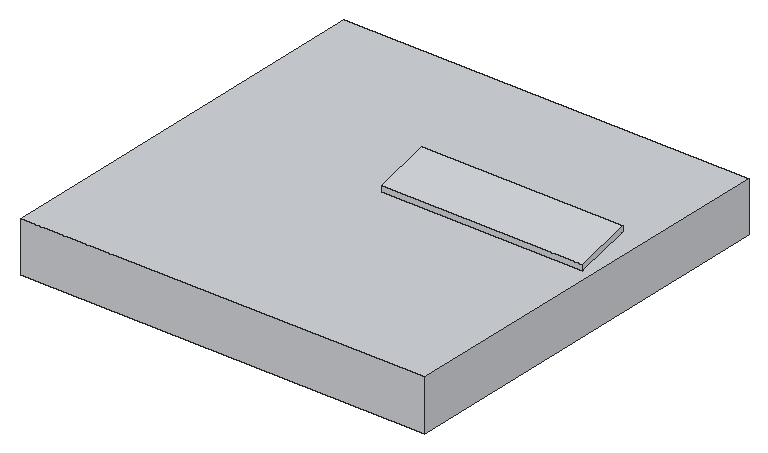
Revit family
Parameters
  Width = 1' - 0"
  WashHeight = 0' - 3"
  URL = "www.coldspringgranite.com"
  TypicalJointSize = 0' - 0 1/4"
  Product Name = "Match Website"
  Product Documentation Link = "Website Address"
  PhoneNumber = "800-551-7502"
  Notes = ""
  Model = "N/A"
  Manufacturer = "Cold Spring Granite Company"
  Low Emitting Material = yes
  Low Emitting Finish = yes
  Location = "17482 Granite West Road, Cold Spring, MN  56320-4578"
  LEED Credit = ""
  Keynote = "044256"
  FrontDripRightVisibilityOff = not(FrontDripRightVisibilityOn)  # no
  FrontDripLeftVisibilityOff = not(FrontDripLeftVisibilityOn)  # no
  Description = "Stone Coping Flat - Tipped"
  BackDripRightVisibilityOff = not(BackDripRightVisibilityOn)  # no
  BackDripLeftVisibilityOff = not(BackDripLeftVisibilityOn)  # no
  StoneMaterial = none
  SettingSpace = AirGap + EdgeHeight  # 0' - 3.22405"
  Length = 4' - 0"
  JointRightOff = no
  JointRight = if(JointRightOff, 0' 0", TypicalJointSize / 2)  # 0' - 0 1/8"
  JointLeftOff = no
  JointLeft = if(JointLeftOff, 0' 0", TypicalJointSize / 2)  # 0' - 0 1/8"
  Height = 0' - 1 3/16"
  FrontDripVisibilityOff = not(FrontDripOn)  # no
  FrontDripRightVisibilityOn = and(FrontDripOn, DripStopRight = 0' 0")  # yes
  FrontDripOnProfile = if(FrontDripOn, 0' 0", Height)  # 0' - 0"
  FrontDripOn = yes
  FrontDripLeftVisibilityOn = and(FrontDripOn, DripStopLeft = 0' 0")  # yes
  EdgeHeight = (sqrt(Width ^ 2 + WashHeight ^ 2) * Height) / Width  # 0' - 1.22405"
  DripWidth = 0' - 0 1/4"
  DripToEdge = 0' - 0 1/2"
  DripStopRight = 0' - 0"
  DripStopLeft = 0' - 0"
  DripDepth = 0' - 0 1/4"
  Default Elevation = 0' - 0"
  CapOverhang = 0' - 1"
  BackDripVisibilityOff = not(BackDripOn)  # no
  BackDripRightVisibilityOn = and(BackDripOn, DripStopRight = 0' 0")  # yes
  BackDripOnProfile = if(BackDripOn, 0' 0", Height * 2)  # 0' - 0"
  BackDripOn = yes
  BackDripLeftVisibilityOn = and(BackDripOn, DripStopLeft = 0' 0")  # yes
  Assembly Code = "B2010160"
  AirGap = 0' - 2"
Reference planes (in)
  plane 1 "Center (Front/Back)": y = 0
  plane 2: z = 0
  plane 3 "Center (Left/Right)": x = 0
  plane 4 "Back": y = 11
  plane 5 "Front": y = -1
  plane 6 "StoneLeft": x = 0.125
  plane 7 "StoneRight": x = 47.875
  plane 8 "Right": x = 48
  plane 9 "CenterFrontBack": y = 5
  plane 10 "FrontBottom": z = 2
  plane 11 "FrontTop": z = 3.22405
  plane 12 "BackTop": z = 6.22405
  plane 13 "BackBottom": z = 5
  plane 14 "StopDripLeft": x = 0.125
  plane 15 "StopDripRight": x = 47.875
Forms (in)
  Extrusion 1, solid
    sketch origin (0, 0, 0) x (1, 0, 0) y (0, 1, 0)
      loop
        line (-48, 48) -> (-48, -48) -> (48, -48) -> (48, 48) -> (-48, 48)
    from 0 to -12
  Extrusion 2, solid, material <- "StoneMaterial", detail levels coarse
    sketch origin (0, 0, 0) x (0, 1, 0) y (0, 0, 1)
      loop
        line (11, 2) -> (11, 6.22405) -> (-1, 6.22405) -> (-1, 2) -> (11, 2)
    from 0 to 48
  Extrusion 3, solid, material <- "StoneMaterial", detail levels medium+fine
    sketch origin (0, 0, 0) x (0, 1, 0) y (0, 0, 1)
      loop
        line (11, 5) -> (11, 6.22405) -> (-1, 3.22405) -> (-1, 2) -> (11, 5)
    from 0.125 to 47.875
  Extrusion 4, void, detail levels medium+fine
    sketch origin (0, -11, 0) x (0, 1, 0) y (0, 0, 1)
      loop
        line (21.21176, 5.06063) -> (21.27239, 4.8181) -> (21.51493, 4.87873) -> (21.45429, 5.12127) -> (21.21176, 5.06063)
    from 0.125 to 47.875
  Extrusion 5, void, detail levels medium+fine
    sketch origin (0, 0, 0) x (0, 1, 0) y (0, 0, 1)
      loop
        line (-0.51493, 2.12127) -> (-0.27239, 2.1819) -> (-0.33303, 2.42444) -> (-0.57556, 2.3638) -> (-0.51493, 2.12127)
    from 0.125 to 47.875
Cuts and joins
  Extrusion 4 cuts Extrusion 2
  Extrusion 4, Extrusion 5 cuts Extrusion 3
Lines and regions (in)
  Masking region 1, detail levels coarse
    outline origin (0, 0, 0) x (0, 1, 0) y (0, 0, 1)
      loop
        line (11, 6.22405) -> (-1, 6.22405) -> (-1, 2) -> (11, 2) -> (11, 6.22405)
  Masking region 2, visible <- "FrontDripVisibilityOff", detail levels fine
    outline origin (0, 0, 0) x (0, 1, 0) y (0, 0, 1)
      loop
        line (-1, 2) -> (5, 3.5) -> (5, 4.72405) -> (-1, 3.22405) -> (-1, 2)
  Masking region 3, visible <- "BackDripVisibilityOff", detail levels fine
    outline origin (0, 0, 0) x (0, 1, 0) y (0, 0, 1)
      loop
        line (11, 5) -> (11, 6.22405) -> (5, 4.72405) -> (5, 3.5) -> (11, 5)
  Masking region 4, visible <- "FrontDripOn", detail levels fine
    outline origin (0, 0, 0) x (0, 1, 0) y (0, 0, 1)
      loop
        line (-1, 3.22405) -> (-1, 2) -> (-0.51493, 2.12127) -> (-0.57556, 2.3638) -> (-0.33303, 2.42444) -> (-0.27239, 2.1819) -> (5, 3.5) -> (5, 4.72405) -> (-1, 3.22405)
  Masking region 5, visible <- "BackDripOn", detail levels fine
    outline origin (0, 0, 0) x (0, 1, 0) y (0, 0, 1)
      loop
        line (11, 5) -> (11, 6.22405) -> (5, 4.72405) -> (5, 3.5) -> (10.27239, 4.8181) -> (10.21176, 5.06063) -> (10.45429, 5.12127) -> (10.51493, 4.87873) -> (11, 5)
  Masking region 6, visible <- "FrontDripLeftVisibilityOff", detail levels medium
    outline origin (0.125, 0, 0) x (0, -1, 0) y (0, 0, 1)
      loop
        line (1, 3.22405) -> (-5, 4.72405) -> (-5, 3.5) -> (1, 2) -> (1, 3.22405)
  Masking region 7, visible <- "FrontDripRightVisibilityOff", detail levels medium
    outline origin (47.875, 0, 0) x (0, -1, 0) y (0, 0, 1)
      loop
        line (1, 3.22405) -> (-5, 4.72405) -> (-5, 3.5) -> (1, 2) -> (1, 3.22405)
  Masking region 8, visible <- "BackDripLeftVisibilityOff", detail levels medium
    outline origin (0.125, 0, 0) x (0, -1, 0) y (0, 0, 1)
      loop
        line (-5, 4.72405) -> (-11, 6.22405) -> (-11, 5) -> (-5, 3.5) -> (-5, 4.72405)
  Masking region 9, visible <- "BackDripRightVisibilityOff", detail levels medium
    outline origin (47.875, 0, 0) x (0, -1, 0) y (0, 0, 1)
      loop
        line (-5, 4.72405) -> (-11, 6.22405) -> (-11, 5) -> (-5, 3.5) -> (-5, 4.72405)
  Masking region 10, visible <- "FrontDripLeftVisibilityOn", detail levels medium
    outline origin (0.125, 0, 0) x (0, -1, 0) y (0, 0, 1)
      loop
        line (1, 3.22405) -> (-5, 4.72405) -> (-5, 3.5) -> (0.27239, 2.1819) -> (0.33303, 2.42444) -> (0.57556, 2.3638) -> (0.51493, 2.12127) -> (1, 2) -> (1, 3.22405)
  Masking region 11, visible <- "FrontDripRightVisibilityOn", detail levels medium
    outline origin (47.875, 0, 0) x (0, -1, 0) y (0, 0, 1)
      loop
        line (1, 3.22405) -> (-5, 4.72405) -> (-5, 3.5) -> (0.27239, 2.1819) -> (0.33303, 2.42444) -> (0.57556, 2.3638) -> (0.51493, 2.12127) -> (1, 2) -> (1, 3.22405)
  Masking region 12, visible <- "BackDripLeftVisibilityOn", detail levels medium
    outline origin (0.125, 0, 0) x (0, -1, 0) y (0, 0, 1)
      loop
        line (-5, 4.72405) -> (-11, 6.22405) -> (-11, 5) -> (-10.51493, 4.87873) -> (-10.45429, 5.12127) -> (-10.21176, 5.06063) -> (-10.27239, 4.8181) -> (-5, 3.5) -> (-5, 4.72405)
  Masking region 13, visible <- "BackDripRightVisibilityOn", detail levels medium
    outline origin (47.875, 0, 0) x (0, -1, 0) y (0, 0, 1)
      loop
        line (-11, 5) -> (-10.51493, 4.87873) -> (-10.45429, 5.12127) -> (-10.21176, 5.06063) -> (-10.27239, 4.8181) -> (-5, 3.5) -> (-5, 4.72405) -> (-11, 6.22405) -> (-11, 5)
  Masking region 14, detail levels coarse
    outline origin (0, 0, 0) x (1, 0, 0) y (0, 0, 1)
      loop
        line (0, 6.22405) -> (0, 2) -> (48, 2) -> (48, 6.22405) -> (0, 6.22405)
  Masking region 15, detail levels medium
    outline origin (0, -1, 0) x (-1, 0, 0) y (0, 0, 1)
      loop
        line (-0.125, 6.22405) -> (-47.875, 6.22405) -> (-47.875, 2) -> (-0.125, 2) -> (-0.125, 6.22405)
  Masking region 16, detail levels medium
    outline origin (0, 11, 0) x (-1, 0, 0) y (0, 0, 1)
      loop
        line (-0.125, 5) -> (-0.125, 6.22405) -> (-47.875, 6.22405) -> (-47.875, 5) -> (-0.125, 5)
  Masking region 17, detail levels fine
    outline origin (0, 5, 0) x (-1, 0, 0) y (0, 0, 1)
      loop
        line (-0.125, 2) -> (-0.125, 3.22405) -> (-47.875, 3.22405) -> (-47.875, 2) -> (-0.125, 2)
  Masking region 18, detail levels coarse
    outline origin (0, 0, 3.22405) x (-1, 0, 0) y (0, -1, 0)
      loop
        line (0, -11) -> (0, 1) -> (-48, 1) -> (-48, -11) -> (0, -11)
  Masking region 19, detail levels medium+fine
    outline origin (0, 0, 6.22405) x (-1, 0, 0) y (0, -1, 0)
      loop
        line (-0.125, 1) -> (-47.875, 1) -> (-47.875, -11) -> (-0.125, -11) -> (-0.125, 1)
  Masking region 20, visible <- "FrontDripOn", detail levels medium+fine
    outline origin (0, 0, 2) x (-1, 0, 0) y (0, -1, 0)
      loop
        line (-0.125, 0.51493) -> (-47.875, 0.51493) -> (-47.875, 0.27239) -> (-0.125, 0.27239) -> (-0.125, 0.51493)
  Masking region 21, visible <- "BackDripOn", detail levels medium+fine
    outline origin (0, 0, 2) x (-1, 0, 0) y (0, -1, 0)
      loop
        line (-0.125, -10.27239) -> (-47.875, -10.27239) -> (-47.875, -10.51493) -> (-0.125, -10.51493) -> (-0.125, -10.27239)
  reference lines
    curve 1: line (0, -1, 3.22405) -> (0, 11, 6.22405)
    curve 2: line (0, -1, 2) -> (0, 11, 5)
    curve 3: line (0, -1, 2.25769) -> (0, 11, 5.25769)
    curve 4: line (0, -1, 2) -> (0, 11, 5)
    curve 5: line (0, -1, 2.25769) -> (0, 11, 5.25769)
    curve 6: line (0, -1, 2) -> (0, 11, 5)
    curve 7: line (0, 10.51493, 4.87873) -> (0, 10.45429, 5.12127)
    curve 8: line (0, 10.27239, 4.8181) -> (0, 10.21176, 5.06063)
    curve 9: line (0, -0.27239, 2.1819) -> (0, -0.33303, 2.42444)
    curve 10: line (0, -0.51493, 2.12127) -> (0, -0.57556, 2.3638)
  symbolic lines, detail levels medium
    curve 11: line (0.125, -1, 3.22405) -> (47.875, -1, 3.22405)
  symbolic lines, visible <- "FrontDripOn", detail levels fine
    curve 12: line (0.125, 5, 2) -> (0.125, 5, 2.25)
    curve 13: line (47.875, 5, 2) -> (47.875, 5, 2.25)
    curve 14: line (0.125, 5, 2.25) -> (47.875, 5, 2.25)
  symbolic lines, visible <- "BackDripOn", detail levels fine
    curve 15: line (0.125, 0, 2.25) -> (47.875, 0, 2.25)
    curve 16: line (0.125, 0, 2) -> (0.125, 0, 2.25)
    curve 17: line (47.875, 0, 2) -> (47.875, 0, 2.25)
Dimensions and locks (in)
  "Length": plane 8 "Right" to plane 3 "Center (Left/Right)"
  "JointLeft": plane 6 "StoneLeft" to plane 3 "Center (Left/Right)"
  "JointRight": plane 7 "StoneRight" to plane 8 "Right"
  "DripStopLeft": plane 6 "StoneLeft" to plane 14 "StopDripLeft"
  "DripStopRight": plane 15 "StopDripRight" to plane 7 "StoneRight"
  "SettingSpace": plane 11 "FrontTop" to plane 2
  "WashHeight": plane 12 "BackTop" to plane 11 "FrontTop"
  "EdgeHeight": plane 12 "BackTop" to plane 13 "BackBottom"
  "EdgeHeight": plane 11 "FrontTop" to plane 10 "FrontBottom"
  "Width": plane 4 "Back" to plane 5 "Front"
  "CapOverhang": plane 1 "Center (Front/Back)" to plane 5 "Front"
  equal spacing: plane 4 "Back", plane 9 "CenterFrontBack", plane 5 "Front"
  "BackDripOnProfile": curve 2 to curve 4
  "FrontDripOnProfile": curve 2 to curve 6
  "DripDepth": curve 5 to curve 6
  "DripDepth": curve 3 to curve 4
  "DripToEdge": curve 7 to curve 4
  "DripWidth": curve 8 to curve 7
  "DripToEdge": curve 6 to curve 10
  "DripWidth": curve 10 to curve 9
  "DripDepth": curve 14 to plane 10 "FrontBottom"
  "DripDepth": curve 15 to plane 10 "FrontBottom"
  aligned and locked: plane 2 to Extrusion 1
  aligned and locked: level to Extrusion 1
  aligned and locked: plane 4 "Back" to curve 1
  aligned and locked: plane 12 "BackTop" to curve 1
  aligned and locked: plane 5 "Front" to curve 1
  aligned and locked: plane 11 "FrontTop" to curve 1
  aligned and locked: plane 10 "FrontBottom" to curve 2
  aligned and locked: plane 5 "Front" to curve 2
  aligned and locked: plane 4 "Back" to curve 2
  aligned and locked: plane 13 "BackBottom" to curve 2
  aligned and locked: plane 5 "Front" to curve 3
  aligned and locked: plane 5 "Front" to curve 4
  aligned and locked: plane 5 "Front" to curve 5
  aligned and locked: plane 5 "Front" to curve 6
  aligned and locked: plane 4 "Back" to curve 6
  aligned and locked: plane 4 "Back" to curve 5
  aligned and locked: plane 4 "Back" to curve 4
  aligned and locked: plane 4 "Back" to curve 3
  aligned and locked: plane 4 "Back" to Extrusion 2 sketch curve
  aligned and locked: plane 12 "BackTop" to Extrusion 2 sketch curve
  aligned and locked: plane 5 "Front" to Extrusion 2 sketch curve
  aligned and locked: plane 10 "FrontBottom" to Extrusion 2 sketch curve
  aligned and locked: Extrusion 2 to plane 3 "Center (Left/Right)"
  aligned and locked: Extrusion 2 to plane 8 "Right"
  aligned and locked: plane 4 "Back" to Extrusion 3 sketch curve
  aligned and locked: plane 5 "Front" to Extrusion 3 sketch curve
  aligned and locked: Extrusion 3 sketch curve to curve 1
  aligned and locked: Extrusion 3 sketch curve to curve 2
  aligned and locked: plane 6 "StoneLeft" to Extrusion 3
  aligned and locked: Extrusion 3 to plane 7 "StoneRight"
  aligned and locked: curve 3 to Extrusion 4 sketch curve
  aligned and locked: curve 4 to Extrusion 4 sketch curve
  aligned and locked: Extrusion 4 sketch curve to curve 7
  aligned and locked: Extrusion 4 sketch curve to curve 8
  aligned and locked: plane 14 "StopDripLeft" to cut or joined group of Extrusion 2, Extrusion 4
  aligned and locked: cut or joined group of Extrusion 2, Extrusion 4 to plane 15 "StopDripRight"
  aligned and locked: curve 6 to Extrusion 5 sketch curve
  aligned and locked: curve 5 to Extrusion 5 sketch curve
  aligned and locked: Extrusion 5 sketch curve to curve 9
  aligned and locked: Extrusion 5 sketch curve to curve 10
  aligned and locked: plane 14 "StopDripLeft" to Extrusion 5
  aligned and locked: Extrusion 5 to plane 15 "StopDripRight"
  aligned and locked: plane 12 "BackTop" to Masking region 1 sketch curve
  aligned and locked: plane 4 "Back" to Masking region 1 sketch curve
  aligned and locked: plane 5 "Front" to Masking region 1 sketch curve
  aligned and locked: plane 10 "FrontBottom" to Masking region 1 sketch curve
  aligned and locked: plane 5 "Front" to Masking region 2 sketch curve
  aligned and locked: plane 9 "CenterFrontBack" to Masking region 2 sketch curve
  aligned and locked: Masking region 2 sketch curve to curve 1
  aligned and locked: Masking region 2 sketch curve to curve 2
  aligned and locked: plane 4 "Back" to Masking region 3 sketch curve
  aligned and locked: plane 9 "CenterFrontBack" to Masking region 3 sketch curve
  aligned and locked: curve 1 to Masking region 3 sketch curve
  aligned and locked: curve 2 to Masking region 3 sketch curve
  aligned and locked: Masking region 4 sketch curve to curve 1
  aligned and locked: plane 9 "CenterFrontBack" to Masking region 4 sketch curve
  aligned and locked: plane 5 "Front" to Masking region 4 sketch curve
  aligned and locked: Masking region 4 sketch curve to curve 6
  aligned and locked: Masking region 4 sketch curve to curve 9
  aligned and locked: Masking region 4 sketch curve to curve 10
  aligned and locked: curve 5 to Masking region 4 sketch curve
  aligned and locked: curve 6 to Masking region 4 sketch curve
  aligned and locked: plane 4 "Back" to Masking region 5 sketch curve
  aligned and locked: plane 9 "CenterFrontBack" to Masking region 5 sketch curve
  aligned and locked: curve 1 to Masking region 5 sketch curve
  aligned and locked: curve 4 to Masking region 5 sketch curve  (x2)
  aligned and locked: curve 3 to Masking region 5 sketch curve
  aligned and locked: Masking region 5 sketch curve to curve 8
  aligned and locked: Masking region 5 sketch curve to curve 7
  aligned and locked: Masking region 6 sketch curve to curve 1
  aligned and locked: Masking region 6 sketch curve to curve 2
  aligned and locked: plane 9 "CenterFrontBack" to Masking region 6 sketch curve
  aligned and locked: plane 5 "Front" to Masking region 6 sketch curve
  aligned and locked: Masking region 7 sketch curve to curve 1
  aligned and locked: Masking region 7 sketch curve to curve 2
  aligned and locked: plane 5 "Front" to Masking region 7 sketch curve
  aligned and locked: plane 9 "CenterFrontBack" to Masking region 7 sketch curve
  aligned and locked: curve 1 to Masking region 8 sketch curve
  aligned and locked: curve 2 to Masking region 8 sketch curve
  aligned and locked: plane 9 "CenterFrontBack" to Masking region 8 sketch curve
  aligned and locked: plane 4 "Back" to Masking region 8 sketch curve
  aligned and locked: curve 1 to Masking region 9 sketch curve
  aligned and locked: curve 2 to Masking region 9 sketch curve
  aligned and locked: plane 4 "Back" to Masking region 9 sketch curve
  aligned and locked: plane 9 "CenterFrontBack" to Masking region 9 sketch curve
  aligned and locked: Masking region 10 sketch curve to curve 1
  aligned and locked: plane 9 "CenterFrontBack" to Masking region 10 sketch curve
  aligned and locked: Masking region 10 sketch curve to curve 6
  aligned and locked: plane 5 "Front" to Masking region 10 sketch curve
  aligned and locked: Masking region 10 sketch curve to curve 10
  aligned and locked: curve 5 to Masking region 10 sketch curve
  aligned and locked: Masking region 10 sketch curve to curve 9
  aligned and locked: curve 6 to Masking region 10 sketch curve
  aligned and locked: Masking region 11 sketch curve to curve 1
  aligned and locked: plane 9 "CenterFrontBack" to Masking region 11 sketch curve
  aligned and locked: plane 5 "Front" to Masking region 11 sketch curve
  aligned and locked: Masking region 11 sketch curve to curve 6
  aligned and locked: curve 5 to Masking region 11 sketch curve
  aligned and locked: Masking region 11 sketch curve to curve 9
  aligned and locked: Masking region 11 sketch curve to curve 10
  aligned and locked: curve 6 to Masking region 11 sketch curve
  aligned and locked: curve 1 to Masking region 12 sketch curve
  aligned and locked: plane 4 "Back" to Masking region 12 sketch curve
  aligned and locked: plane 9 "CenterFrontBack" to Masking region 12 sketch curve
  aligned and locked: curve 4 to Masking region 12 sketch curve  (x2)
  aligned and locked: curve 3 to Masking region 12 sketch curve
  aligned and locked: Masking region 12 sketch curve to curve 8
  aligned and locked: Masking region 12 sketch curve to curve 7
  aligned and locked: plane 4 "Back" to Masking region 13 sketch curve
  aligned and locked: curve 1 to Masking region 13 sketch curve
  aligned and locked: plane 9 "CenterFrontBack" to Masking region 13 sketch curve
  aligned and locked: curve 4 to Masking region 13 sketch curve  (x2)
  aligned and locked: curve 3 to Masking region 13 sketch curve
  aligned and locked: Masking region 13 sketch curve to curve 8
  aligned and locked: Masking region 13 sketch curve to curve 7
  aligned and locked: Masking region 14 sketch curve to plane 12 "BackTop"
  aligned and locked: Masking region 14 sketch curve to plane 3 "Center (Left/Right)"
  aligned and locked: Masking region 14 sketch curve to plane 8 "Right"
  aligned and locked: Masking region 14 sketch curve to plane 10 "FrontBottom"
  aligned and locked: Masking region 15 sketch curve to plane 12 "BackTop"
  aligned and locked: Masking region 15 sketch curve to plane 10 "FrontBottom"
  aligned and locked: plane 6 "StoneLeft" to Masking region 15 sketch curve
  aligned and locked: Masking region 15 sketch curve to plane 7 "StoneRight"
  aligned and locked: Masking region 16 sketch curve to plane 6 "StoneLeft"
  aligned and locked: Masking region 16 sketch curve to plane 7 "StoneRight"
  aligned and locked: Masking region 16 sketch curve to plane 12 "BackTop"
  aligned and locked: Masking region 16 sketch curve to plane 13 "BackBottom"
  aligned and locked: Masking region 17 sketch curve to plane 6 "StoneLeft"
  aligned and locked: Masking region 17 sketch curve to plane 11 "FrontTop"
  aligned and locked: Masking region 17 sketch curve to plane 10 "FrontBottom"
  aligned and locked: Masking region 17 sketch curve to plane 7 "StoneRight"
  aligned and locked: Masking region 18 sketch curve to plane 3 "Center (Left/Right)"
  aligned and locked: Masking region 18 sketch curve to plane 8 "Right"
  aligned and locked: Masking region 18 sketch curve to plane 4 "Back"
  aligned and locked: Masking region 18 sketch curve to plane 5 "Front"
  aligned and locked: Masking region 19 sketch curve to plane 6 "StoneLeft"
  aligned and locked: Masking region 19 sketch curve to plane 7 "StoneRight"
  aligned and locked: Masking region 19 sketch curve to plane 4 "Back"
  aligned and locked: Masking region 19 sketch curve to plane 5 "Front"
  aligned and locked: Masking region 20 sketch curve to plane 14 "StopDripLeft"
  aligned and locked: Masking region 20 sketch curve to plane 15 "StopDripRight"
  aligned and locked: Masking region 20 sketch curve to Extrusion 5  (x2)
  aligned and locked: Masking region 21 sketch curve to plane 14 "StopDripLeft"
  aligned and locked: Masking region 21 sketch curve to plane 15 "StopDripRight"
  aligned and locked: Masking region 21 sketch curve to cut or joined group of Extrusion 2, Extrusion 4  (x2)
  aligned and locked: curve 11 to plane 11 "FrontTop"
  aligned and locked: plane 14 "StopDripLeft" to curve 11
  aligned and locked: plane 15 "StopDripRight" to curve 11
  aligned and locked: plane 15 "StopDripRight" to curve 15
  aligned and locked: curve 15 to curve 17
  aligned and locked: curve 17 to plane 10 "FrontBottom"
  aligned and locked: plane 10 "FrontBottom" to curve 16
  aligned and locked: plane 14 "StopDripLeft" to curve 15
  aligned and locked: curve 16 to plane 14 "StopDripLeft"
Automatic sketch dimensions
  Extrusion 1 sketch curve to Extrusion 1 sketch curve = 8' - 0"  (x2)
  curve 13 to plane 10 "FrontBottom" = 0' - 0"
  curve 12 to plane 10 "FrontBottom" = 0' - 0"
  plane 15 "StopDripRight" to curve 13 = 0' - 0"
  plane 14 "StopDripLeft" to curve 14 = 0' - 0"
Nested families (in)
  nested 1: "CopyRight" at (0, 0, 2), type "CopyRight"
Definition of nested family "CopyRight"
  Parameters (values of type "CopyRight")
    CopyRight = "Cold Spring Granite Company"
  Reference planes (in)
    plane 1: z = 0
